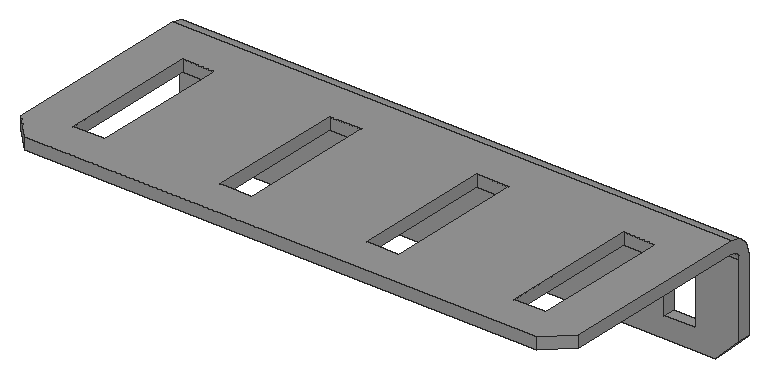
Revit family "Befestigungswinkel- BW US 3_5 FT", category Generic Models, Revit 2017
Family settings
  Can host rebar = No
  Round Connector Dimension = Use Diameter
  Part Type = Normal
  Work Plane-Based = No
  Always vertical = Yes
  Cut with Voids When Loaded = No
  Shared = No
  Room Calculation Point = No
Parameters (values of type "BW US 3/5 FT")
  URL = "http://www.obo-bettermann.com"
  Material = hot dip galvanised
  Manufacturer Art.No. = "6019534"
  Manufacturer = "OBO BETTERMANN"
  GTIN = "4012196653652"
  Cut's number = 2
  Article Type = "BW US 3/5 FT"
Reference planes
  plane 1 "Center (Front/Back)": y = 0
  plane 2: z = 0
  plane 3 "Center (Left/Right)": x = 0
  plane 4: z = 40
  plane 5: y = 80
  plane 6: x = 190
  plane 7: x = 95
  plane 8: x = 120
  plane 9: x = 70
  plane 10: y = 35.5
  plane 11: y = 12
  plane 12: x = 145
  plane 13: x = 170
  plane 14: x = 120
  plane 15: y = 35.5
  plane 16: y = 12
  plane 17: x = 195
  plane 18: x = 220
  plane 19: x = 170
  plane 20: y = 35.5
  plane 21: y = 12
  plane 22: x = 45
  plane 23: x = 70
  plane 24: x = 20
  plane 25: y = 35.5
  plane 26: y = 12
  plane 27: z = 17
  plane 28: x = 170
  plane 29: x = 20
  plane 30: x = 95
  plane 31: y = 8
  plane 32: x = 8
  plane 33: x = 182
  plane 34: y = 8
  plane 35: z = 8
  plane 36: x = 182
Forms (mm)
  Extrusion 1, solid, material "hot dip galvanised" <- "Material"
    sketch origin (0, 0, 0) x (0, 1, 0) y (0, 0, 1)
      loop
        line (0, 40) -> (0, 36) -> (73, 36)
        arc (73, 36) -> (75.121, 35.121) -> (76, 33) r 3
        line (76, 33) -> (76, 0) -> (80, 0) -> (80, 33)
        arc (80, 33) -> (77.95, 37.95) -> (73, 40) r 7
        line (73, 40) -> (0, 40)
    from 0 to 190
  Extrusion 2, void
    sketch origin (0, 0, 0) x (1, 0, 0) y (0, 1, 0)
      loop
        line (64.5, 12) -> (75.5, 12) -> (75.5, 59) -> (64.5, 59) -> (64.5, 12)
    from 36 to 40
  Extrusion 3, void
    sketch origin (50, 0, 0) x (1, 0, 0) y (0, 1, 0)
      loop
        line (64.5, 12) -> (75.5, 12) -> (75.5, 59) -> (64.5, 59) -> (64.5, 12)
    from 36 to 40
  Extrusion 4, void
    sketch origin (100, 0, 0) x (1, 0, 0) y (0, 1, 0)
      loop
        line (64.5, 12) -> (75.5, 12) -> (75.5, 59) -> (64.5, 59) -> (64.5, 12)
    from 36 to 40
  Extrusion 5, void
    sketch origin (-50, 0, 0) x (1, 0, 0) y (0, 1, 0)
      loop
        line (64.5, 12) -> (75.5, 12) -> (75.5, 59) -> (64.5, 59) -> (64.5, 12)
    from 36 to 40
  Extrusion 6, void
    sketch origin (0, 0, 0) x (1, 0, 0) y (0, 0, 1)
      loop
        line (175.5, 27) -> (164.5, 27) -> (164.5, 7) -> (175.5, 7) -> (175.5, 27)
      loop
        line (30, 22.5) -> (10, 22.5) -> (10, 11.5) -> (30, 11.5) -> (30, 22.5)
    from -80 to -76
  Extrusion 7, void
    sketch origin (0, 0, 0) x (1, 0, 0) y (0, 1, 0)
      loop
        line (0, 8) -> (0, 0) -> (8, 0) -> (0, 8)
      loop
        line (190, 8) -> (182, 0) -> (190, 0) -> (190, 8)
    from 36 to 40
  Extrusion 8, void
    sketch origin (0, 0, 0) x (1, 0, 0) y (0, 0, 1)
      loop
        line (190, 8) -> (182, 0) -> (190, 0) -> (190, 8)
      loop
        line (0, 0) -> (8.047, 0) -> (0, 8.047) -> (0, 0)
    from -80 to -76
Cuts and joins
  Extrusion 2, Extrusion 3, Extrusion 4, Extrusion 5, Extrusion 6, Extrusion 7, Extrusion 8 cuts Extrusion 1
Dimensions and locks
  locked: Extrusion 1 sketch curve to Extrusion 1 sketch curve at 80
  locked: Extrusion 1 sketch curve to Extrusion 1 sketch curve at 4  (x2)
  locked: Extrusion 1 sketch curve to Extrusion 1 sketch curve at 40
  locked: plane 3 "Center (Left/Right)" to plane 6 at 190
  locked: Extrusion 2 sketch curve to Extrusion 2 sketch curve at 11
  locked: plane 9 to Extrusion 2 sketch curve at 5.5
  locked: Extrusion 2 sketch curve to Extrusion 2 sketch curve at 47
  locked: Extrusion 3 sketch curve to Extrusion 3 sketch curve at 11
  locked: plane 14 to Extrusion 3 sketch curve at 5.5
  locked: Extrusion 3 sketch curve to Extrusion 3 sketch curve at 47
  locked: Extrusion 4 sketch curve to Extrusion 4 sketch curve at 11
  locked: plane 19 to Extrusion 4 sketch curve at 5.5
  locked: Extrusion 4 sketch curve to Extrusion 4 sketch curve at 47
  locked: Extrusion 5 sketch curve to Extrusion 5 sketch curve at 11
  locked: plane 24 to Extrusion 5 sketch curve at 5.5
  locked: Extrusion 5 sketch curve to Extrusion 5 sketch curve at 47
  locked: level to plane 27 at 17
  locked: plane 6 to plane 30 at 95
  locked: plane 30 to plane 28 at 75
  locked: Extrusion 6 sketch curve to Extrusion 6 sketch curve at 20  (x2)
  locked: Extrusion 6 sketch curve to plane 27 at 10
  locked: Extrusion 6 sketch curve to Extrusion 6 sketch curve at 11  (x2)
  locked: plane 28 to Extrusion 6 sketch curve at 5.5
  locked: Extrusion 6 sketch curve to plane 27 at 5.5
  locked: plane 29 to Extrusion 6 sketch curve at 10
  aligned and locked: level to plane 2
  aligned and locked: Extrusion 1 sketch curve to level
  aligned and locked: plane 1 "Center (Front/Back)" to Extrusion 1 sketch curve
  aligned and locked: plane 6 to Extrusion 1
  aligned and locked: Extrusion 1 to plane 3 "Center (Left/Right)"
  aligned and locked: Extrusion 2 sketch curve to plane 11
  aligned and locked: Extrusion 3 sketch curve to plane 16
  aligned and locked: Extrusion 4 sketch curve to plane 21
  aligned and locked: Extrusion 5 sketch curve to plane 26
  aligned and locked: Extrusion 1 to Extrusion 4  (x2)
  aligned and locked: Extrusion 1 to Extrusion 3  (x2)
  aligned and locked: Extrusion 1 to Extrusion 2  (x2)
  aligned and locked: Extrusion 1 to Extrusion 5  (x2)
  aligned and locked: Extrusion 1 to Extrusion 6  (x2)
  aligned and locked: Extrusion 7 to Extrusion 1
  aligned and locked: Extrusion 1 to Extrusion 7
  aligned and locked: Extrusion 8 to Extrusion 1
  aligned and locked: Extrusion 1 to Extrusion 8
Automatic sketch dimensions
  Extrusion 1 sketch curve to Extrusion 1 sketch curve = 0 mm
  Extrusion 1 sketch curve to Extrusion 1 sketch curve = 7 mm
  Extrusion 7 sketch curve to plane 3 "Center (Left/Right)" = 0 mm
  plane 1 "Center (Front/Back)" to Extrusion 7 sketch curve = 0 mm  (x2)
  Extrusion 7 sketch curve to plane 32 = 0 mm
  Extrusion 7 sketch curve to plane 33 = 0 mm
  Extrusion 7 sketch curve to plane 6 = 0 mm
  Extrusion 7 sketch curve to plane 31 = 0 mm
  plane 31 to Extrusion 7 sketch curve = 0 mm
  Extrusion 8 sketch curve to plane 3 "Center (Left/Right)" = 0 mm
  Extrusion 8 sketch curve to level = 0 mm  (x2)
  plane 36 to Extrusion 8 sketch curve = 0 mm
  Extrusion 8 sketch curve to plane 6 = 0 mm
  Extrusion 8 sketch curve to plane 35 = 0 mm
  plane 35 to Extrusion 8 sketch curve = 0.047 mm
  plane 3 "Center (Left/Right)" to Extrusion 8 sketch curve = 8.047 mm
